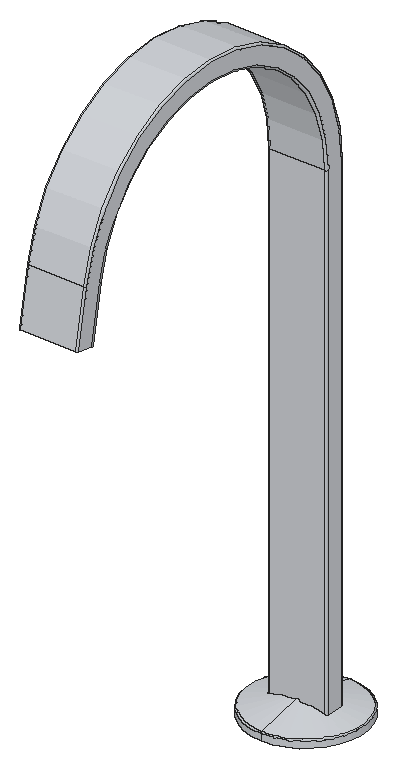
Revit family "Faucet-Lavatory-Spout-KOHLER-COMPONENTS-K-77966T", category Plumbing Fixtures, host Face, Revit 2017
Family settings
  Host = Face
  Round Connector Dimension = Use Diameter
  Part Type = Normal
  OmniClass Number = 23.31.11.00
  OmniClass Title = Faucets
  Cut with Voids When Loaded = No
  Shared = No
  Room Calculation Point = No
Parameters (values of type "CP- Polished Chrome")
  Width = 2 93/256"  # constant formula
  WaterSense Certified = 1 = 0  # no
  Waste Water Outlet = "Waste Water Outlet"  # constant formula
  Waste Connection = 1 = 0  # no
  Vent Connection = 1 = 0  # no
  URL = "http://www.kohler.com.cn/"
  Type = 4
  Spout Reach = Length  # 6 167/256"
  Product Page URL = "https://www.kohler.com.cn/product/K-77966T-AF/K-77966T-CP/"
  Product Name = "Components"  # constant formula
  Product Documentation Link = "https://files.kohler.com.cn/pdfs/1558597636718_1287329-2-A(77965T%2077966T%2023887T...).pdf"
  Pressure = 0.00 psi
  Model = if(Type = 1, "K-77966T-AF", if(Type = 2, "K-77966T-BN", if(Type = 3, "K-77966T-RGD", if(Type = 4, "K-77966T-CP", if(Type = 5, "K-77966T-TT", if(Type = 6, "K-77966T-2BL", "NA"))))))  # "K-77966T-CP"
  Material = "Metal construction"  # constant formula
  Master Format 2014 Name = "Residential Faucets, Supplies, and Trim"  # constant formula
  Master Format 2014 = "22 41 39"  # constant formula
  Manufacturer Address = "Kohler Beijing Office (100016)\n36-2-03-B, No. 88, Liuxiang Road, Beijing"  # constant formula
  Manufacturer = "KOHLER Co."  # constant formula
  Length = 6 167/256"  # constant formula
  Hot Water Inlet = "Hot Water Inlet"  # constant formula
  Height = 14 17/128"  # constant formula
  HW Connection = 1 = 1  # yes
  Flow Rate = 0 GPM
  Finish = Kohler-Metal-CP-Polished_Chrome
  Environmental Product Declaration = ""
  Drain Included = 1 = 1  # yes
  Description = "Yi Ting 8-inch washbasin faucet curve type high spout"  # constant formula
  Default Elevation = 36"
  Declare Label = ""
  Date Modified = "08/31/2020"  # constant formula
  Date Created = "08/31/2020"  # constant formula
  Copyright = "Copyright KOHLER Co."  # constant formula
  Contact Us = "http://www.kohler.com.cn/contact/contact-us/"
  Cold Water Inlet = "Cold Water Inlet"  # constant formula
  CW Connection = 1 = 1  # yes
  Assembly Code = "D2010"
  ADA Compliant = 1 = 0  # no
Types (7): name | Type | Product Page URL | Model | Finish
  (no name) | 4 | "https://www.kohler.com.cn/product/K-77966T-AF/K-77966T-CP/" | "K-77966T-CP" | Kohler-Metal-CP-Polished_Chrome
  AF- Flange Gold | 1 | "https://www.kohler.com.cn/product/K-77966T-AF/K-77966T-AF/" | "K-77966T-AF" | Kohler-Metal-AF-Flange_Gold
  BN- Roman Silver | 2 | "https://www.kohler.com.cn/product/K-77966T-AF/K-77966T-BN/" | "K-77966T-BN" | Kohler-Metal-BN-Roman_Silver
  RGD- Rose Gold | 3 | "https://www.kohler.com.cn/product/K-77966T-AF/K-77966T-RGD/" | "K-77966T-RGD" | Kohler-Metal-RGD-Rose_Gold
  CP- Polished Chrome | 4 | "https://www.kohler.com.cn/product/K-77966T-AF/K-77966T-CP/" | "K-77966T-CP" | Kohler-Metal-CP-Polished_Chrome
  TT- Titanium Silver | 5 | "https://www.kohler.com.cn/product/K-77966T-AF/K-77966T-TT/" | "K-77966T-TT" | Kohler-Metal-TT-Titanium_Silver
  2BL- Original Black | 6 | "https://www.kohler.com.cn/product/K-77966T-AF/K-77966T-2BL/" | "K-77966T-2BL" | Kohler-Metal-2BL-Original_Black
Reference planes (in)
  plane 1 "Center (Front/Back)": y = 0
  plane 2: z = 0
  plane 3 "Center (Left/Right)": x = 0
  plane 4: x = 1.18164
  plane 5: x = -1.18164
  plane 6: y = 1.1811
  plane 7: x = 0.62992
  plane 8: y = -1.1811
  plane 9: x = -0.62992
  plane 10: z = 14.13281
  plane 11: y = -6.65234
  plane 12: z = 10.23622
  plane 13: through (0, -6.8878, 8.90089) normal (0, 0.9848, -0.1736)
Dimensions and locks (in)
  "Width": plane 5 to plane 4
  locked: plane 6 to plane 8 at 2.3622
  equal spacing: plane 9, plane 3 "Center (Left/Right)", plane 7
  locked: plane 9 to plane 7 at 1.25984
  equal spacing: plane 5, plane 3 "Center (Left/Right)", plane 4
  equal spacing: plane 6, plane 1 "Center (Front/Back)", plane 8
  locked: level to plane 12 at 10.23622
  "Height": level to plane 10
  "Length": plane 1 "Center (Front/Back)" to plane 11
  locked: plane 11 to plane 13 (angle 10.00°)
  aligned and locked: plane 2 to host face
  aligned and locked: level to host face
  aligned and locked: plane 3 "Center (Left/Right)" to nested 1
  aligned and locked: plane 1 "Center (Front/Back)" to nested 1
  aligned and locked: plane 4 to nested 1
  aligned and locked: plane 5 to nested 1
  aligned and locked: plane 6 to nested 1
  aligned and locked: plane 8 to nested 1
  aligned and locked: plane 9 to nested 1
  aligned and locked: plane 10 to nested 1
  aligned and locked: plane 11 to nested 1
  aligned and locked: plane 12 to nested 1
  aligned and locked: plane 13 to nested 1
Automatic sketch dimensions
  host sketch curve to host sketch curve = 96"  (x2)
Nested families (in)
  nested 1: "K-77966T" at (0.00054, 0, -0.00105), type "K-77966T"
Definition of nested family "K-77966T"
  Parameters (values of type "K-77966T")
    Material = none
  Reference planes (in)
    plane 1 "Center (Front/Back)": y = 0
    plane 2: z = 0
    plane 3 "Center (Left/Right)": x = 0
    plane 4: z = 14.13386
    plane 5: x = -0.62992
    plane 6: x = 0.62992
    plane 7: x = -1.1811
    plane 8: x = 1.1811
    plane 9: y = -6.65354
    plane 10: z = 10.23622
    plane 11: y = 0.21654
    plane 12: y = -0.21654
    plane 13: through (0, -6.65354, 10.23622) normal (0, -0.9848, 0.1736)
    plane 14: y = 1.1811
    plane 15: y = -1.1811
    plane 16: y = 1.1811
    plane 17: y = -1.1811
  Forms (in)
    Sweep 1, solid, material <- "Material", detail levels medium+fine
      path origin (0, 0, 0) x (0, 1, 0) y (0, 0, 1)
        loop
          line (0, 0.2855) -> (0, 10.68893)
          arc (0, 10.68893) -> (-2.96413, 13.92372) -> (-6.44495, 11.2528) r 3.24714
          line (-6.44495, 11.2528) -> (-6.64726, 10.10546)
      profile origin (0, 0, 0.2855) x (0, -1, 0) y (1, 0, 0)
        loop
          line (0.17717, 0.625) -> (-0.17717, 0.625)
          arc (-0.17717, 0.625) -> (-0.205, 0.61347) -> (-0.21654, 0.58563) r 0.03937
          line (-0.21654, 0.58563) -> (-0.21654, -0.58563)
          arc (-0.21654, -0.58563) -> (-0.205, -0.61347) -> (-0.17717, -0.625) r 0.03937
          line (-0.17717, -0.625) -> (0.17717, -0.625)
          arc (0.17717, -0.625) -> (0.205, -0.61347) -> (0.21654, -0.58563) r 0.03937
          line (0.21654, -0.58563) -> (0.21654, 0.58563)
          arc (0.21654, 0.58563) -> (0.205, 0.61347) -> (0.17717, 0.625) r 0.03937
    Revolve 2, solid, material <- "Material", detail levels medium+fine
      sketch origin (0, 0, 0) x (0, 1, 0) y (0, 0, 1)
        loop
          line (0, 0) -> (1.18111, 0) -> (1.18111, 0.13926)
          arc (1.18111, 0.13926) -> (1.17614, 0.15359) -> (1.16338, 0.16177) r 0.02316
          line (1.16338, 0.16177) -> (0, 0.4424) -> (0, 0)
        axis (0, 0.4424) -> (0, 0)
      angle from 0 to 360
    Extrusion 3, solid, material <- "Material", detail levels coarse
      sketch origin (0, 0, 0) x (1, 0, 0) y (0, 1, 0)
        loop
          circle (0, 0) r 1.1811
      from 0 to 0.32403
    Extrusion 4, void
      sketch origin (0, 0, 0) x (1, 0, 0) y (0, 1, 0)
        loop
          line (0.625, -0.21654) -> (0.625, 0.21654) -> (-0.625, 0.21654) -> (-0.625, -0.21654) -> (0.625, -0.21654)
      from 0.27167 to 0.67852
    Extrusion 5, solid, material <- "Material", detail levels coarse
      sketch origin (0, 0, 0) x (0, 1, 0) y (0, 0, 1)
        loop
          line (-6.88896, 10.14808) -> (-6.46247, 10.07287) -> (-6.26707, 11.18102)
          arc (-6.26707, 11.18102) -> (-2.99927, 13.68849) -> (-0.21654, 10.65166) r 3.04843
          line (-0.21654, 10.65166) -> (-0.21654, 0.08791) -> (0.21654, 0.08791) -> (0.21654, 10.65248)
          arc (0.21654, 10.65248) -> (-2.96146, 14.12065) -> (-6.69342, 11.25702) r 3.48142
          line (-6.69342, 11.25702) -> (-6.88896, 10.14808)
      from -0.62505 to 0.625
  Cuts and joins
    Extrusion 4 cuts Revolve 2
    joined: Extrusion 3, Extrusion 5
  Lines and regions (in)
    Masking region 1
      outline origin (0, 0, 0) x (0, 1, 0) y (0, 0, 1)
        loop
          line (1.18111, 0) -> (1.18111, 0.13933)
          arc (1.18111, 0.13933) -> (1.17617, 0.1536) -> (1.16346, 0.16175) r 0.02306
          line (1.16346, 0.16175) -> (0.21654, 0.39061) -> (0.21654, 10.65248)
          arc (0.21654, 10.65248) -> (-2.96146, 14.12065) -> (-6.69342, 11.25702) r 3.48142
          line (-6.69342, 11.25702) -> (-6.86679, 10.27382) -> (-6.4403, 10.19862) -> (-6.26707, 11.18102)
          arc (-6.26707, 11.18102) -> (-2.99927, 13.68849) -> (-0.21654, 10.65166) r 3.04843
          line (-0.21654, 10.65166) -> (-0.21654, 0.39061) -> (-1.16346, 0.16175)
          arc (-1.16346, 0.16175) -> (-1.17617, 0.1536) -> (-1.18111, 0.13933) r 0.02306
          line (-1.18111, 0.13933) -> (-1.18111, 0) -> (1.18111, 0)
    Masking region 2
      outline origin (0, 0, 0) x (1, 0, 0) y (0, 0, 1)
        loop
          line (-1.1811, 0) -> (1.1811, 0) -> (1.1811, 0.14088)
          arc (1.1811, 0.14088) -> (1.17616, 0.15514) -> (1.16346, 0.1633) r 0.02306
          line (1.16346, 0.1633) -> (0.62992, 0.29225) -> (0.62992, 14.13386) -> (-0.62992, 14.13386) -> (-0.62992, 0.29225) -> (-1.16346, 0.1633)
          arc (-1.16346, 0.1633) -> (-1.17616, 0.15514) -> (-1.1811, 0.14088) r 0.02306
          line (-1.1811, 0.14088) -> (-1.1811, 0)
    Masking region 3
      outline origin (0, 0.01181, 0) x (1, 0, 0) y (0, 1, 0)
        loop
          arc (0.62992, -0.99912) -> (0, 1.19504) -> (-0.62992, -0.99912) r 1.1875
          line (-0.62992, -0.99912) -> (-0.62992, -6.87008) -> (0.62992, -6.87008) -> (0.62992, -0.99912)
    symbolic lines, detail levels medium+fine
      curve 1: line (0.62992, 0, 10.14306) -> (-0.62992, 0, 10.14306)
      curve 2: line (-0.62992, 0, 10.06786) -> (0.62992, 0, 10.06786)
      curve 3: line (0, -0.21654, 0.39061) -> (0, -0.21654, 0.27167)
      curve 4: line (0, -0.21654, 0.27167) -> (0, 0.21654, 0.27167)
      curve 5: line (0, 0.21654, 0.27167) -> (0, 0.21654, 0.39061)
      curve 6: line (-0.62992, 0.21654, 0) -> (0.62992, 0.21654, 0)
      curve 7: line (0.62992, -1.10879, 0) -> (0.62992, 0.21654, 0)
      curve 8: line (-0.62992, 0.21654, 0) -> (-0.62992, -1.14739, 0)
      curve 9: line (-1.1811, 0, 0.13933) -> (1.1811, 0, 0.13933)
      curve 10: line (0, 1.18111, 0.13933) -> (0, -1.18111, 0.13933)
      curve 11: arc (-0.62992, -0.94996, 0) -> (-1.09134, 0.32896, 0) -> (0, 1.13984, 0) r 1.13984
      curve 12: arc (0.62992, -0.94996, 0) -> (1.09134, 0.32896, 0) -> (0, 1.13984, 0) r 1.13984
      curve 13: arc (0.62992, 0, 0.29225) -> (0.23336, 0, 0.38489) -> (-0.17382, 0, 0.39128) r 1.90834
      curve 14: arc (-0.62992, 0, 0.29225) -> (-0.40491, 0, 0.35576) -> (-0.17382, 0, 0.39128) r 1.90834
  Dimensions and locks (in)
    plane 11 to plane 12 = 0.43307"
    aligned and locked: plane 2 to level
